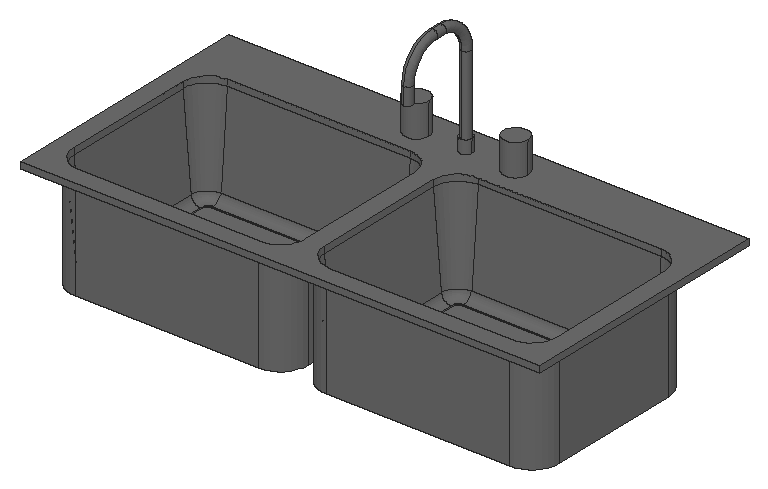
Revit family "Sink Kitchen-Double_w void", category Plumbing Fixtures, Revit 2018
Family settings
  Round Connector Dimension = Use Diameter
  Part Type = Normal
  OmniClass Number = 23.45.05.14.14
  OmniClass Title = Sinks/Lavatories
  Work Plane-Based = No
  Always vertical = Yes
  Cut with Voids When Loaded = Yes
  Shared = Yes
  Room Calculation Point = No
Parameters (values of type "42" x 21"")
  Assembly Code = "D2010410"
  Counter Height = 3' - 0"
  Depth = 1' - 9"
  Faucet Material = Steel, Polished
  Sink Material = Steel, Polished
  Width = 3' - 6"
Types (2): name | Width
  42" x 21" | 3' - 6"
  28" x 21" | 2' - 4"
Reference planes (in)
  plane 1 "Center (Front/Back)": y = -1.40766
  plane 2: z = 0
  plane 3 "Center (Left/Right)": x = 0.61769
  plane 4: y = 10.59234
  plane 5: y = -10.40766
  plane 6: x = -20.38231
  plane 7: x = 21.61769
  plane 8 "Top Of Counter": z = 36
  plane 9: z = 36.5
  plane 10: z = 27.5
  plane 11: y = 6.09234
  plane 12: x = -18.88231
  plane 13: y = -8.90766
  plane 14: x = 20.11769
  plane 15: x = -3.38231
  plane 16: x = 4.61769
  plane 17: y = 8.34234
  plane 18: y = 8.34234
  plane 19: y = 8.34234
  plane 20: z = 46.375
  plane 21: y = 2.46734
  plane 22: z = 39
  plane 23: z = 37.5
  plane 24: x = -0.13231
  plane 25: x = 1.36769
  plane 26: x = -9.13231
  plane 27: x = 10.36769
  plane 28: z = 27.875
Forms (in)
  Extrusion 1, solid, material "Steel, Polished" <- "Sink Material"
    sketch origin (0, 0, 0) x (1, 0, 0) y (0, 1, 0)
      loop
        line (-20.38231, 10.59234) -> (-20.38231, -10.40766) -> (21.61769, -10.40766) -> (21.61769, 10.59234) -> (-20.38231, 10.59234)
      loop
        arc (-16.88231, 6.09234) -> (-18.29653, 5.50655) -> (-18.88231, 4.09234) r 2
        line (-18.88231, 4.09234) -> (-18.88231, -6.90766)
        arc (-18.88231, -6.90766) -> (-18.29653, -8.32187) -> (-16.88231, -8.90766) r 2
        line (-16.88231, -8.90766) -> (-2.13231, -8.90766)
        arc (-2.13231, -8.90766) -> (-0.7181, -8.32187) -> (-0.13231, -6.90766) r 2
        line (-0.13231, -6.90766) -> (-0.13231, 4.09234)
        arc (-0.13231, 4.09234) -> (-0.7181, 5.50655) -> (-2.13231, 6.09234) r 2
        line (-2.13231, 6.09234) -> (-16.88231, 6.09234)
      loop
        arc (18.11769, -8.90766) -> (19.5319, -8.32187) -> (20.11769, -6.90766) r 2
        line (20.11769, -6.90766) -> (20.11769, 4.09234)
        arc (20.11769, 4.09234) -> (19.5319, 5.50655) -> (18.11769, 6.09234) r 2
        line (18.11769, 6.09234) -> (3.36769, 6.09234)
        arc (3.36769, 6.09234) -> (1.95347, 5.50655) -> (1.36769, 4.09234) r 2
        line (1.36769, 4.09234) -> (1.36769, -6.90766)
        arc (1.36769, -6.90766) -> (1.95347, -8.32187) -> (3.36769, -8.90766) r 2
        line (3.36769, -8.90766) -> (18.11769, -8.90766)
    from 36 to 36.5
  Sweep 2, solid, material "Steel, Polished" <- "Sink Material"
    path origin (0, 0, 0) x (1, 0, 0) y (0, 1, 0)
      loop
        arc (-16.88231, 6.09234) -> (-18.29653, 5.50655) -> (-18.88231, 4.09234) r 2
        line (-18.88231, 4.09234) -> (-18.88231, -6.90766)
        arc (-18.88231, -6.90766) -> (-18.29653, -8.32187) -> (-16.88231, -8.90766) r 2
        line (-16.88231, -8.90766) -> (-2.13231, -8.90766)
        arc (-2.13231, -8.90766) -> (-0.7181, -8.32187) -> (-0.13231, -6.90766) r 2
        line (-0.13231, -6.90766) -> (-0.13231, 4.09234)
        arc (-0.13231, 4.09234) -> (-0.7181, 5.50655) -> (-2.13231, 6.09234) r 2
        line (-2.13231, 6.09234) -> (-16.88231, 6.09234)
    profile origin (-9.50731, 0, 0) x (0, 1, 0) y (0, 0, 1)
      loop
        line (6.09234, 36) -> (5.44139, 28.55963)
        arc (5.44139, 28.55963) -> (5.20094, 28.07204) -> (4.69424, 27.875) r 0.75
        line (4.69424, 27.875) -> (4.59234, 27.875) -> (4.59234, 27.5) -> (6.34234, 27.5) -> (6.34234, 36) -> (6.09234, 36)
  Extrusion 3, solid, material "Steel, Polished" <- "Sink Material"
    sketch origin (0, 0, 0) x (1, 0, 0) y (0, 1, 0)
      loop
        arc (-16.88231, 4.59234) -> (-17.23587, 4.44589) -> (-17.38231, 4.09234) r 0.5
        line (-17.38231, 4.09234) -> (-17.38231, -6.90766)
        arc (-17.38231, -6.90766) -> (-17.23587, -7.26121) -> (-16.88231, -7.40766) r 0.5
        line (-16.88231, -7.40766) -> (-2.13231, -7.40766)
        arc (-2.13231, -7.40766) -> (-1.77876, -7.26121) -> (-1.63231, -6.90766) r 0.5
        line (-1.63231, -6.90766) -> (-1.63231, 4.09234)
        arc (-1.63231, 4.09234) -> (-1.77876, 4.44589) -> (-2.13231, 4.59234) r 0.5
        line (-2.13231, 4.59234) -> (-16.88231, 4.59234)
      loop
        circle (-9.13231, -1.40766) r 1
    from 27.5 to 27.875
  Extrusion 4, solid, material "Steel, Polished" <- "Faucet Material"
    sketch origin (0, 0, 0) x (1, 0, 0) y (0, 1, 0)
      loop
        circle (-3.38231, 8.34234) r 1
      loop
        circle (4.61769, 8.34234) r 1
    from 36.5 to 39
  Sweep 5, solid, material "Steel, Polished" <- "Faucet Material"
    path origin (0.61769, 0, 0) x (0, 1, 0) y (0, 0, 1)
      loop
        line (8.34234, 36.5) -> (8.34234, 43.875)
        arc (8.34234, 43.875) -> (7.61011, 45.64277) -> (5.84234, 46.375) r 2.5
        line (5.84234, 46.375) -> (4.96734, 46.375)
        arc (4.96734, 46.375) -> (3.19957, 45.64277) -> (2.46734, 43.875) r 2.5
        line (2.46734, 43.875) -> (2.46734, 42.5)
    profile origin (0.61769, 0, 40.1875) x (0, -1, 0) y (1, 0, 0)
      loop
        circle (-8.34234, 0) r 0.375
  Extrusion 6, solid, material "Steel, Polished" <- "Faucet Material"
    sketch origin (0, 0, 0) x (1, 0, 0) y (0, 1, 0)
      loop
        circle (0.61769, 8.34234) r 0.5
    from 36.5 to 37.5
  Sweep 7, solid, material "Steel, Polished" <- "Sink Material"
    path origin (1.23537, 0, 0) x (-1, 0, 0) y (0, -1, 0)
      loop
        line (-16.88231, -6.09234) -> (-2.13231, -6.09234)
        arc (-2.13231, -6.09234) -> (-0.7181, -5.50655) -> (-0.13231, -4.09234) r 2
        line (-0.13231, -4.09234) -> (-0.13231, 6.90766)
        arc (-0.13231, 6.90766) -> (-0.7181, 8.32187) -> (-2.13231, 8.90766) r 2
        line (-2.13231, 8.90766) -> (-16.88231, 8.90766)
        arc (-16.88231, 8.90766) -> (-18.29653, 8.32187) -> (-18.88231, 6.90766) r 2
        line (-18.88231, 6.90766) -> (-18.88231, -4.09234)
        arc (-18.88231, -4.09234) -> (-18.29653, -5.50655) -> (-16.88231, -6.09234) r 2
    profile origin (10.74269, 0, 0) x (0, -1, 0) y (0, 0, 1)
      loop
        line (-6.09234, 36) -> (-6.34234, 36) -> (-6.34234, 27.5) -> (-4.59234, 27.5) -> (-4.59234, 27.875) -> (-4.69424, 27.875)
        arc (-4.69424, 27.875) -> (-5.20094, 28.07204) -> (-5.44139, 28.55963) r 0.75
        line (-5.44139, 28.55963) -> (-6.09234, 36)
  Extrusion 8, solid, material "Steel, Polished" <- "Sink Material"
    sketch origin (0, 0, 0) x (1, 0, 0) y (0, 1, 0)
      loop
        arc (3.36769, 4.69424) -> (3.01413, 4.5478) -> (2.86769, 4.19424) r 0.5
        line (2.86769, 4.19424) -> (2.86769, -6.90766)
        arc (2.86769, -6.90766) -> (3.01413, -7.26121) -> (3.36769, -7.40766) r 0.5
        line (3.36769, -7.40766) -> (18.11769, -7.40766)
        arc (18.11769, -7.40766) -> (18.47124, -7.26121) -> (18.61769, -6.90766) r 0.5
        line (18.61769, -6.90766) -> (18.61769, 4.19424)
        arc (18.61769, 4.19424) -> (18.47124, 4.5478) -> (18.11769, 4.69424) r 0.5
        line (18.11769, 4.69424) -> (3.36769, 4.69424)
      loop
        circle (10.36769, -1.40766) r 1
    from 27.5 to 27.875
  Extrusion 9, void
    sketch origin (0, 0, 0) x (1, 0, 0) y (0, 1, 0)
      loop
        line (-20.38231, -10.40766) -> (21.61769, -10.40766) -> (21.61769, 10.59234) -> (-20.38231, 10.59234) -> (-20.38231, -10.40766)
    from 33.30407 to 36
Cuts and joins
  joined: Extrusion 1, Sweep 2, Sweep 7
  joined: Sweep 5, Extrusion 6
Lines and regions (in)
  Masking region 1
    outline origin (0, 0, 36) x (0, -1, 0) y (1, 0, 0)
      loop
        line (-10.59234, -20.38231) -> (10.40766, -20.38231) -> (10.40766, 21.61769) -> (-10.59234, 21.61769) -> (-10.59234, -20.38231)
  symbolic lines
    curve 1: line (-18.88231, 4.09234, 36) -> (-18.88231, -6.90766, 36)
    curve 2: line (-16.88231, -8.90766, 36) -> (-2.13231, -8.90766, 36)
    curve 3: line (20.11769, -6.90766, 36) -> (20.11769, 4.09234, 36)
    curve 4: line (18.11769, 6.09234, 36) -> (3.36769, 6.09234, 36)
    curve 5: arc (20.11769, 4.09234, 36) -> (19.5319, 5.50655, 36) -> (18.11769, 6.09234, 36) r 2
    curve 6: arc (18.11769, -8.90766, 36) -> (19.5319, -8.32187, 36) -> (20.11769, -6.90766, 36) r 2
    curve 7: arc (-18.88231, -6.90766, 36) -> (-18.29653, -8.32187, 36) -> (-16.88231, -8.90766, 36) r 2
    curve 8: arc (-16.88231, 6.09234, 36) -> (-18.29653, 5.50655, 36) -> (-18.88231, 4.09234, 36) r 2
    curve 9: arc (1.11769, 8.34234, 36) -> (0.61769, 8.84234, 36) -> (0.11769, 8.34234, 36) r 0.5
    curve 10: line (0.11769, 8.34234, 36) -> (0.11769, 0.59234, 36)
    curve 11: line (1.11769, 8.34234, 36) -> (1.11769, 0.59234, 36)
    curve 12: arc (1.11769, 0.59234, 36) -> (0.61769, 0.09234, 36) -> (0.11769, 0.59234, 36) r 0.5
    curve 13: line (-0.13231, 4.09234, 36) -> (-0.13231, -6.90766, 36)
    curve 14: line (1.36769, 4.09234, 36) -> (1.36769, -6.90766, 36)
    curve 15: line (3.36769, -8.90766, 36) -> (18.11769, -8.90766, 36)
    curve 16: line (-2.13231, 6.09234, 36) -> (-16.88231, 6.09234, 36)
    curve 17: arc (3.36769, 6.09234, 36) -> (1.95347, 5.50655, 36) -> (1.36769, 4.09234, 36) r 2
    curve 18: arc (1.36769, -6.90766, 36) -> (1.95347, -8.32187, 36) -> (3.36769, -8.90766, 36) r 2
    curve 19: arc (-0.13231, -6.90766, 36) -> (-0.7181, -8.32187, 36) -> (-2.13231, -8.90766, 36) r 2
    curve 20: arc (-0.13231, 4.09234, 36) -> (-0.7181, 5.50655, 36) -> (-2.13231, 6.09234, 36) r 2
    curve 21: arc (-10.13231, -1.40766, 36) -> (-9.13231, -0.40766, 36) -> (-8.13231, -1.40766, 36) r 1
    curve 22: arc (-8.13231, -1.40766, 36) -> (-9.13231, -2.40766, 36) -> (-10.13231, -1.40766, 36) r 1
    curve 23: arc (9.36769, -1.40766, 36) -> (10.36769, -0.40766, 36) -> (11.36769, -1.40766, 36) r 1
    curve 24: arc (11.36769, -1.40766, 36) -> (10.36769, -2.40766, 36) -> (9.36769, -1.40766, 36) r 1
    curve 25: arc (-4.38231, 8.34234, 36) -> (-3.38231, 7.34234, 36) -> (-2.38231, 8.34234, 36) r 1
    curve 26: arc (-2.38231, 8.34234, 36) -> (-3.38231, 9.34234, 36) -> (-4.38231, 8.34234, 36) r 1
    curve 27: arc (3.61769, 8.34234, 36) -> (4.61769, 7.34234, 36) -> (5.61769, 8.34234, 36) r 1
    curve 28: arc (5.61769, 8.34234, 36) -> (4.61769, 9.34234, 36) -> (3.61769, 8.34234, 36) r 1
Dimensions and locks (in)
  equal spacing: plane 6, plane 3 "Center (Left/Right)", plane 7
  "Width": plane 6 to plane 7
  "Depth": plane 5 to plane 4
  "Counter Height": plane 8 "Top Of Counter" to plane 2
  locked: plane 9 to plane 8 "Top Of Counter" at 0.5
  locked: plane 8 "Top Of Counter" to plane 10 at 8.5
  locked: plane 6 to plane 12 at 1.5
  locked: plane 14 to plane 7 at 1.5
  locked: plane 11 to plane 4 at 4.5
  locked: plane 5 to plane 13 at 1.5
  equal spacing: plane 11, plane 17, plane 4
  equal spacing: plane 11, plane 18, plane 4
  equal spacing: plane 4, plane 19, plane 11
  locked: plane 19 to plane 21 at 5.875
  locked: plane 20 to plane 9 at 9.875
  locked: plane 22 to plane 9 at 2.5
  locked: plane 23 to plane 9 at 1
  plane 24 to plane 3 "Center (Left/Right)" to plane 25 = 0' - 0 3/4" locked, 0' - 0 3/4" locked
  equal spacing: plane 12, plane 26, plane 3 "Center (Left/Right)"
  equal spacing: plane 3 "Center (Left/Right)", plane 27, plane 14
  equal spacing: plane 13, plane 1 "Center (Front/Back)", plane 11
  locked: plane 15 to plane 3 "Center (Left/Right)" at 4
  locked: plane 3 "Center (Left/Right)" to plane 16 at 4
  locked: plane 28 to plane 10 at 0.375
  aligned and locked: Extrusion 1 sketch curve to plane 5
  aligned and locked: plane 7 to Extrusion 1 sketch curve
  aligned and locked: plane 4 to Extrusion 1 sketch curve
  aligned and locked: Extrusion 1 sketch curve to plane 6
  aligned and locked: plane 8 "Top Of Counter" to Extrusion 1
  aligned and locked: Extrusion 1 to plane 9
  aligned and locked: plane 11 to Extrusion 1 sketch curve
  aligned and locked: plane 14 to Extrusion 1 sketch curve
  aligned and locked: Extrusion 1 sketch curve to plane 12
  aligned and locked: Extrusion 1 sketch curve to plane 13
  aligned and locked: plane 11 to Sweep 2 sketch curve
  aligned and locked: Sweep 2 sketch curve to plane 12
  aligned and locked: Sweep 2 sketch curve to plane 13
  aligned and locked: Sweep 2 to Extrusion 3 sketch curve  (x4)
  aligned and locked: plane 10 to Extrusion 3
  aligned and locked: Sweep 2 sketch curve to plane 10
  aligned and locked: plane 8 "Top Of Counter" to Sweep 2 sketch curve
  aligned and locked: Extrusion 4 to Extrusion 1
  aligned and locked: Extrusion 6 to Extrusion 1
  aligned and locked: Sweep 5 sketch curve to plane 19
  aligned and locked: plane 20 to Sweep 5 sketch curve
  aligned and locked: plane 21 to Sweep 5 sketch curve
  aligned and locked: Extrusion 4 to plane 22
  aligned and locked: Extrusion 6 to plane 23
  aligned and locked: Sweep 2 sketch curve to Extrusion 1
  aligned and locked: Sweep 7 sketch curve to plane 14
  aligned and locked: Sweep 7 sketch curve to Extrusion 1
  aligned and locked: Sweep 7 sketch curve to plane 11
  aligned and locked: plane 13 to Sweep 7 sketch curve
  aligned and locked: plane 10 to Extrusion 8
  aligned and locked: curve 21 to Extrusion 3
  aligned and locked: curve 23 to Extrusion 8
  aligned and locked: Extrusion 8 sketch curve to Sweep 7
  aligned and locked: Sweep 7 sketch curve to plane 8 "Top Of Counter"
  aligned and locked: plane 10 to Sweep 7 sketch curve
  aligned and locked: plane 4 to Masking region 1 sketch curve
  aligned and locked: plane 7 to Masking region 1 sketch curve
  aligned and locked: Masking region 1 sketch curve to plane 5
  aligned and locked: Masking region 1 sketch curve to plane 6
  aligned and locked: plane 15 to Extrusion 4 sketch curve
  aligned and locked: plane 17 to Extrusion 4 sketch curve  (x2)
  aligned and locked: plane 16 to Extrusion 4 sketch curve
  aligned and locked: curve 25 to Extrusion 4
  aligned and locked: curve 27 to Extrusion 4
  aligned and locked: Extrusion 3 to plane 28
  aligned and locked: Extrusion 8 to plane 28
Automatic sketch dimensions
  Sweep 2 sketch curve to profile plane = 0' - 0"
  profile plane to Sweep 2 sketch curve = 0' - 0.65095"
  Sweep 2 sketch curve to Sweep 2 sketch curve = 0' - 0.74715"
  Sweep 2 sketch curve to Sweep 2 sketch curve = 0' - 0.10191"
  Sweep 2 sketch curve to profile plane = 0' - 0 1/4"
  Sweep 2 sketch curve to Sweep 2 sketch curve = 0' - 0 3/8"
  Sweep 2 sketch curve to Sweep 2 sketch curve = 0' - 0.68463"
  plane 15 to Extrusion 4 sketch curve = 0' - 1"
  plane 16 to Extrusion 4 sketch curve = 0' - 1"
  Sweep 5 sketch curve to plane 3 "Center (Left/Right)" = 0' - 0"
  Sweep 5 sketch curve to profile plane = 0' - 0"
  profile plane to Sweep 5 sketch curve = 0' - 0 3/8"
  Extrusion 6 sketch curve to plane 18 = 0' - 0"
  Extrusion 6 sketch curve to plane 3 "Center (Left/Right)" = 0' - 0"
  Extrusion 6 sketch curve to plane 3 "Center (Left/Right)" = 0' - 0 1/2"
  Sweep 5 sketch curve to plane 9 = 0' - 0"
  Sweep 5 sketch curve to Sweep 5 sketch curve = 0' - 2 1/2"
  plane 11 to Sweep 5 sketch curve = 0' - 0 1/4"
  Sweep 5 sketch curve to Sweep 5 sketch curve = 0' - 1 3/8"
  Extrusion 1 sketch curve to plane 13 = 0' - 0"
  Extrusion 1 sketch curve to plane 24 = 0' - 0"
  Extrusion 1 sketch curve to plane 25 = 0' - 0"
  Extrusion 1 sketch curve to plane 11 = 0' - 0"
  Extrusion 1 sketch curve to plane 12 = 0' - 2"  (x2)
  Extrusion 1 sketch curve to plane 3 "Center (Left/Right)" = 0' - 2 3/4"  (x2)
  plane 3 "Center (Left/Right)" to Extrusion 1 sketch curve = 0' - 2 3/4"  (x2)
  plane 14 to Extrusion 1 sketch curve = 0' - 2"
  Extrusion 1 sketch curve to Extrusion 1 sketch curve = 0' - 2"
  Sweep 2 sketch curve to plane 12 = 0' - 2"  (x2)
  Sweep 2 sketch curve to plane 3 "Center (Left/Right)" = 0' - 2 3/4"  (x2)
  plane 14 to Sweep 7 sketch curve = 0' - 2"  (x2)
  Sweep 7 sketch curve to Sweep 7 sketch curve = 0' - 2"
  plane 3 "Center (Left/Right)" to Sweep 7 sketch curve = 0' - 2 3/4"
  Extrusion 3 sketch curve to plane 1 "Center (Front/Back)" = 0' - 0"
  Extrusion 3 sketch curve to plane 26 = 0' - 0"
  Extrusion 3 sketch curve to Extrusion 3 sketch curve = 0' - 0 1/2"  (x4)
  plane 26 to Extrusion 3 sketch curve = 0' - 1"
  Extrusion 8 sketch curve to plane 1 "Center (Front/Back)" = 0' - 0"
  Extrusion 8 sketch curve to plane 27 = 0' - 0"
  plane 27 to Extrusion 8 sketch curve = 0' - 1"
  plane 3 "Center (Left/Right)" to Extrusion 8 sketch curve = 0' - 2 3/4"  (x2)
  Extrusion 8 sketch curve to Extrusion 8 sketch curve = 0' - 0 1/2"  (x2)
  plane 11 to Extrusion 8 sketch curve = 0' - 1.89809"
  Extrusion 8 sketch curve to plane 13 = 0' - 2"
  plane 7 to Extrusion 8 sketch curve = 0' - 3 1/2"
  Sweep 7 sketch curve to profile plane = 0' - 0"
  profile plane to Sweep 7 sketch curve = 0' - 0 1/4"
  Sweep 7 sketch curve to profile plane = 0' - 0.65095"
  Sweep 7 sketch curve to Sweep 7 sketch curve = 0' - 0.74715"
  Sweep 7 sketch curve to Sweep 7 sketch curve = 0' - 0.10191"
  Sweep 7 sketch curve to Sweep 7 sketch curve = 0' - 0.06537"
  Sweep 7 sketch curve to Sweep 7 sketch curve = 0' - 1.05963"
  curve 20 to plane 11 = 0' - 0"
  curve 17 to plane 11 = 0' - 0"
  curve 5 to plane 14 = 0' - 0"
  curve 1 to plane 12 = 0' - 0"
  curve 12 to plane 3 "Center (Left/Right)" = 0' - 0"
  curve 7 to plane 13 = 0' - 0"
  curve 18 to plane 13 = 0' - 0"
  plane 4 to curve 11 = 0' - 2 1/4"
  plane 11 to curve 5 = 0' - 2"
  plane 11 to curve 8 = 0' - 2"
  curve 13 to plane 3 "Center (Left/Right)" = 0' - 0 3/4"
  curve 14 to curve 13 = 0' - 0"
  curve 11 to plane 1 "Center (Front/Back)" = 0' - 2"
  plane 3 "Center (Left/Right)" to curve 14 = 0' - 0 3/4"
  curve 14 to plane 13 = 0' - 2"
  curve 13 to curve 14 = 0' - 0"
  curve 1 to plane 13 = 0' - 2"
  curve 6 to plane 13 = 0' - 2"
  curve 9 to plane 3 "Center (Left/Right)" = 0' - 0 1/2"
  curve 4 to curve 27 = 0' - 0 1/4"
  plane 4 to Extrusion 9 sketch curve = 0' - 0"
  Extrusion 9 sketch curve to plane 6 = 0' - 0"
  Extrusion 9 sketch curve to plane 7 = 0' - 0"
  plane 5 to Extrusion 9 sketch curve = 0' - 0"
